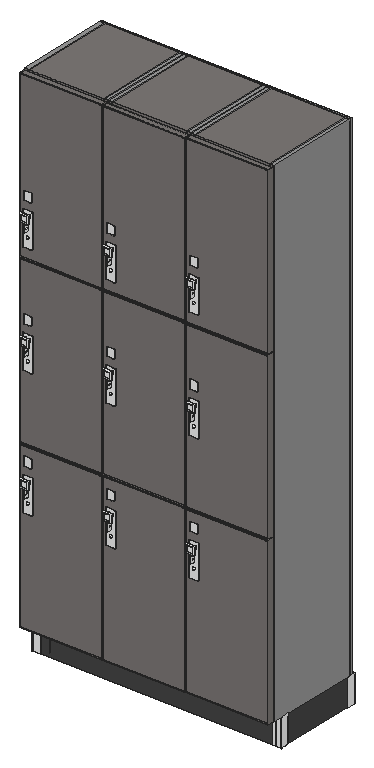
Revit family "Wood_Lockers_Hasps-Salsbury_Industries-43000_Series-3_Wide_Units.rfa", category Specialty Equipment, Revit 2016 (continued)
Definition of nested family "Wood Locker Sloping Hoods"
  Forms (in)
    Extrusion 4, solid, material <- "Laminate Surface", visible <- "Visible"
      sketch origin (0, 0, 0) x (0, 1, 0) y (0, 0, 1)
        loop
          line (11.8125, 9.118) -> (-11.8125, 0.062) -> (-11.73269, 0.062) -> (11.8125, 9.087) -> (11.8125, 9.118)
      from -27 to 27
  Dimensions and locks (in)
    equal spacing: plane 7 "Left Side of Hood", plane 3 "Center (Left/Right)", plane 6 "Right Side of Hood"
    "Width": plane 7 "Left Side of Hood" to plane 6 "Right Side of Hood"
    equal spacing: plane 4 "Front of Hood", plane 1 "Center (Front/Back)", plane 5 "Back of Hood"
    "Depth": plane 4 "Front of Hood" to plane 5 "Back of Hood"
    "Height": plane 9 "Top of Hood" to plane 8 "Bottom of Hood"
    plane 7 "Left Side of Hood" to plane 11 = 0.750"
    plane 10 to plane 6 "Right Side of Hood" = 0.750"
    plane 4 "Front of Hood" to plane 12 to plane 13 = 0.031" locked, 0.719" locked
    plane 15 to plane 14 to plane 9 "Top of Hood" = 0.719" locked, 0.031" locked
    locked: plane 16 to plane 8 "Bottom of Hood" at 0.062
    locked: plane 17 to plane 8 "Bottom of Hood" at 0.75
    aligned and locked: level to plane 2
    aligned and locked: Extrusion 2 to plane 6 "Right Side of Hood"
    aligned and locked: plane 7 "Left Side of Hood" to Extrusion 2
    aligned and locked: plane 7 "Left Side of Hood" to Extrusion 4
    aligned and locked: Extrusion 4 to plane 6 "Right Side of Hood"
    aligned and locked: Extrusion 3 to plane 6 "Right Side of Hood"
    aligned and locked: plane 7 "Left Side of Hood" to Extrusion 3
    aligned and locked: Extrusion 2 to Extrusion 1 sketch curve
    aligned and locked: plane 7 "Left Side of Hood" to Extrusion 1
    aligned and locked: Extrusion 1 to plane 6 "Right Side of Hood"
  Automatic sketch dimensions
    Extrusion 3 sketch curve to level = 0.000"
    Extrusion 3 sketch curve to plane 4 "Front of Hood" = 0.000"
    Extrusion 3 sketch curve to plane 12 = 0.000"
    plane 16 to Extrusion 3 sketch curve = 0.000"
    Extrusion 4 sketch curve to plane 4 "Front of Hood" = 0.000"
    plane 16 to Extrusion 4 sketch curve = 0.000"
    Extrusion 4 sketch curve to plane 5 "Back of Hood" = 0.000"
    plane 14 to Extrusion 4 sketch curve = 0.000"
    plane 9 "Top of Hood" to Extrusion 4 sketch curve = 0.000"
    Extrusion 4 sketch curve to plane 12 = 0.04881"
    Extrusion 2 sketch curve to level = 0.000"
    Extrusion 2 sketch curve to plane 12 = 0.000"
    plane 16 to Extrusion 2 sketch curve = 0.000"
    Extrusion 2 sketch curve to plane 5 "Back of Hood" = 0.000"
    plane 15 to Extrusion 2 sketch curve = 0.000"
    plane 14 to Extrusion 2 sketch curve = 0.000"
    Extrusion 2 sketch curve to plane 13 = 1.08977"
    Extrusion 2 sketch curve to plane 12 = 0.04881"
    Extrusion 1 sketch curve to level = 0.000"
    Extrusion 1 sketch curve to plane 1 "Center (Front/Back)" = 0.000"
    Extrusion 1 sketch curve to Extrusion 1 sketch curve = 0.24302"
Types (7): name | Unit Height including Sloping Hood Only | Unit Height including Base Only | Sloping Hood Height | Overall Unit Height including Base and Sloping Hood | Model | Flat Top In-Line Filler - Right Side | Description | Depth | Compartment Depth | Base Height | Base Depth | Base
  (no name) | 77.743" | 76.000" | 5.743" | 81.743" | "43365" | Wood Locker Flat In-Line Fillers : None | "3 Wide - 6 Feet High - 15 inches Deep - with Base" | 15.000" | 13.750" | 4.000" | 13.250" | Wood Locker Bases : Base - 36" W x 15" D Lockers
  43365 | 77.743" | 76.000" | 5.743" | 81.743" | "43365" | Wood Locker Flat In-Line Fillers : None | "3 Wide - 6 Feet High - 15 inches Deep - with Base" | 15.000" | 13.750" | 4.000" | 13.250" | Wood Locker Bases : Base - 36" W x 15" D Lockers
  43365 - without Base | 77.743" | 72.000" | 5.743" | 77.743" | "43365 without Base" | Wood Locker Sloping In-Line Fillers : None | "3 Wide - 6 Feet High - 15 inches Deep - without Base" | 15.000" | 13.750" | 0.000" | 13.250" | Wood Locker Bases : None
  43368 | 78.868" | 76.000" | 6.868" | 82.868" | "43368" | Wood Locker Sloping In-Line Fillers : None | "3 Wide - 6 Feet High - 18 inches Deep - with Base" | 18.000" | 16.750" | 4.000" | 16.250" | Wood Locker Bases : Base - 36" W x 18" D Lockers
  43368 - without Base | 78.868" | 72.000" | 6.868" | 78.868" | "43368 without Base" | Wood Locker Sloping In-Line Fillers : None | "3 Wide - 6 Feet High - 18 inches Deep - without Base" | 18.000" | 16.750" | 0.000" | 16.250" | Wood Locker Bases : None
  43361 | 79.993" | 76.000" | 7.993" | 83.993" | "43361" | Wood Locker Sloping In-Line Fillers : None | "3 Wide - 6 Feet High - 21 inches Deep - with Base" | 21.000" | 19.750" | 4.000" | 19.250" | Wood Locker Bases : Base - 36" W x 21" D Lockers
  43361 - without Base | 79.993" | 72.000" | 7.993" | 79.993" | "43361 without Base" | Wood Locker Sloping In-Line Fillers : None | "3 Wide - 6 Feet High - 21 inches Deep - without Base" | 21.000" | 19.750" | 0.000" | 19.250" | Wood Locker Bases : None
